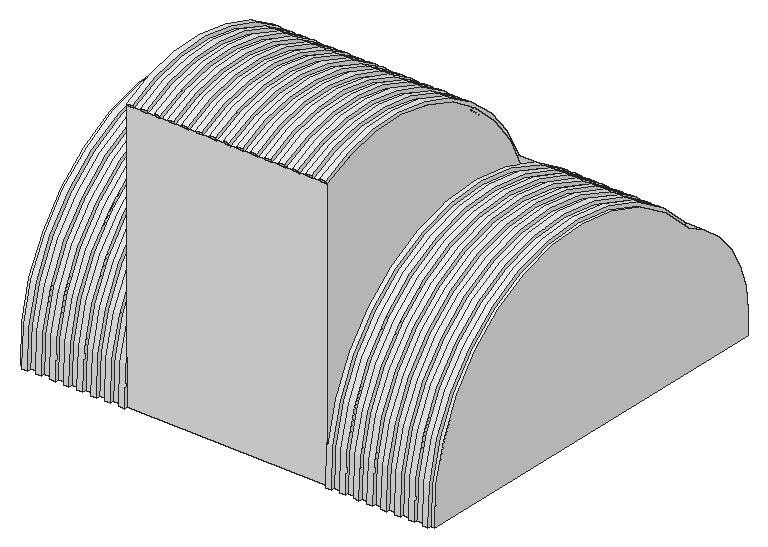
Revit family "WD18_Down", category Lighting Fixtures, host Wall, Revit 2013
Parameters (values of type "WD18 - Down")
  Wattage Comments = "127W"  # constant formula
  Wattage = 12.1178 W
  built-in parameter 1150110 = 1 (stored number, unit not read)
  Voltage = 120 V
  URL = "www.kimlighting.com/"
  Type Comments = "Lighting Fixture"  # constant formula
  built-in parameter 1114217 = 1 (stored number, unit not read)
  Tilt Angle = 90.00°
  built-in parameter 1150109 = 1 (stored number, unit not read)
  built-in parameter 1150134 = (empty or 0)
  built-in parameter 1150113 = 1 (stored number, unit not read)
  Series = "Wall Director"  # constant formula
  Revision Date = "11/07/2017"  # constant formula
  Product Page URL = "http://www.kimlighting.com/products/wall_director"
  Product Documentation Link = "http://www.kimlighting.com/content/products/specs/specs_files/kl_wd18eled_spec.pdf"
  Power Factor = 1  # constant formula
  Photometric Web Link = "http://www.kimlighting.com/products/wall_director"
  Photometric Web File = "wd18d3-400mc.ies"
  Photometric Notes = "More IES files download on Photometric Web Link"  # constant formula
  OmniClass Title = "Wall or Ceiling Mounted External Lighting"  # constant formula
  OmniClass Number = "23-80 70 14 11 17"  # constant formula
  Number of Poles = 1
  Note Visible = yes
  Note Text = "LF"  # constant formula
  Model = "WD18 - Down"  # constant formula
  MasterFormat Title = "Parking Lighting, Site Lighting"  # constant formula
  Manufacturer Phone = "626-968-5666"  # constant formula
  Manufacturer Fax = "626-369-2695"  # constant formula
  Manufacturer = "Kim Lighting"  # constant formula
  Lumens = 1800 lm
  built-in parameter 1150115 = 1 (stored number, unit not read)
  built-in parameter 1150105 = 514.14 (stored number, unit not read)
  Load Classification = Lighting
  built-in parameter 1150137 = (empty or 0)
  built-in parameter 1150139 = (empty or 0)
  built-in parameter 1150112 = 1 (stored number, unit not read)
  built-in parameter 1150114 = 1 (stored number, unit not read)
  Lamp = "120 LEDs"  # constant formula
  built-in parameter 1150132 = 2
  built-in parameter 1150102 = (empty or 0)
  built-in parameter 1150138 = (empty or 0)
  built-in parameter 1150107 = 3000 (stored number, unit not read)
  built-in parameter 1150106 = 5.1414 (stored number, unit not read)
  Housing material = Metal-Kim Lighting-Spun Aluminum
  Glass Material = Glass-Kim Lighting-Clear
  Full Load Current = 0 A
  Finish = "All colors shall be a Super TGIC powder coat paint. Optional white (WH) and custom colors available."
  Emit from Rectangle Width = 15"  # constant formula
  Emit from Rectangle Length = 15"  # constant formula
  Emit Shape Visible in Rendering = no
  built-in parameter 1150104 = 13.8 (stored number, unit not read)
  Default Elevation = 80"
  Dimming Lamp Color Temperature Shift = <None>
  Description = "Wall Mounted Luminaire"  # constant formula
  Color Filter = 16777215
  built-in parameter 1114218 = 1 (stored number, unit not read)
  built-in parameter 1150133 = 10 (stored number, unit not read)
  Assembly Code = "D5020200"
  Apparent Load = 0 VA
Reference planes (in)
  plane 1: y = 0
  plane 2 "Light Source Axis (F/B)": y = 11.5
  plane 3 "Light Source Axis (L/R)": x = -1.43133
  plane 4 "Light Source Elevation": z = 80
  plane 5 "Top": z = 91.75
  plane 6: z = 88.25
  plane 7 "Right": x = -10.43133
  plane 8 "Left": x = 7.56867
  plane 9: x = -5.80633
  plane 10: x = 2.94367
  plane 11: x = -9.43133
  plane 12: x = 6.56867
  plane 13 "Front": y = 20
  plane 14: y = 19
  plane 15: y = 4
  plane 16 "Back": y = 3
  plane 17: y = 10
  plane 18: z = 0
Forms (in)
  Extrusion 1, solid, material "Metal-Kim Lighting-Spun Aluminum" <- "Housing material", detail levels medium+fine
    sketch origin (-1.43133, 11.5, 0) x (0, -1, 0) y (0, 0, 1)
      loop
        arc (-5.25, 85.62917) -> (-7.83547, 83.36911) -> (-8.5, 80) r 5.31648
        line (-8.5, 80) -> (8.5, 80)
        arc (8.5, 80) -> (3.63164, 87.71606) -> (-5.25, 85.62917) r 7.85814
    from -9 to 9
  Extrusion 2, solid, material "Metal-Kim Lighting-Spun Aluminum" <- "Housing material", detail levels medium+fine
    sketch origin (-1.43133, 11.5, 0) x (0, -1, 0) y (0, 0, 1)
      loop
        arc (8.5, 91.75) -> (2.37193, 92.23866) -> (-1.94322, 87.86014) r 7.27629
        arc (-1.94322, 87.86014) -> (5.37994, 86.72226) -> (8.5, 80) r 7.85814
        line (8.5, 80) -> (8.5, 91.75)
    from -4.375 to 4.375
  Sweep 3, solid, material "Metal-Kim Lighting-Spun Aluminum" <- "Housing material", detail levels fine
    path origin (-1.43133, 11.5, 0) x (0, -1, 0) y (0, 0, 1)
      loop
        arc (8.5, 80) -> (3.63164, 87.71606) -> (-5.25, 85.62917) r 7.85814
    profile origin (-1.43133, 7.86836, 87.71606) x (0, 0.378873, -0.925449) y (-1, 0, 0)
      loop
        line (-0.125, -4.625) -> (0.125, -4.625) -> (0.125, -4.375) -> (-0.125, -4.375) -> (-0.125, -4.625)
      loop
        line (-0.125, -5.225) -> (0.125, -5.225) -> (0.125, -4.975) -> (-0.125, -4.975) -> (-0.125, -5.225)
      loop
        line (-0.125, -5.825) -> (0.125, -5.825) -> (0.125, -5.575) -> (-0.125, -5.575) -> (-0.125, -5.825)
      loop
        line (-0.125, -6.425) -> (0.125, -6.425) -> (0.125, -6.175) -> (-0.125, -6.175) -> (-0.125, -6.425)
      loop
        line (-0.125, -7.025) -> (0.125, -7.025) -> (0.125, -6.775) -> (-0.125, -6.775) -> (-0.125, -7.025)
      loop
        line (-0.125, -7.625) -> (0.125, -7.625) -> (0.125, -7.375) -> (-0.125, -7.375) -> (-0.125, -7.625)
      loop
        line (-0.125, -8.225) -> (0.125, -8.225) -> (0.125, -7.975) -> (-0.125, -7.975) -> (-0.125, -8.225)
      loop
        line (-0.125, -8.825) -> (0.125, -8.825) -> (0.125, -8.575) -> (-0.125, -8.575) -> (-0.125, -8.825)
      loop
        line (-0.125, 4.625) -> (-0.125, 4.375) -> (0.125, 4.375) -> (0.125, 4.625) -> (-0.125, 4.625)
      loop
        line (-0.125, 5.225) -> (-0.125, 4.975) -> (0.125, 4.975) -> (0.125, 5.225) -> (-0.125, 5.225)
      loop
        line (-0.125, 5.825) -> (-0.125, 5.575) -> (0.125, 5.575) -> (0.125, 5.825) -> (-0.125, 5.825)
      loop
        line (-0.125, 6.425) -> (-0.125, 6.175) -> (0.125, 6.175) -> (0.125, 6.425) -> (-0.125, 6.425)
      loop
        line (-0.125, 7.025) -> (-0.125, 6.775) -> (0.125, 6.775) -> (0.125, 7.025) -> (-0.125, 7.025)
      loop
        line (-0.125, 7.625) -> (-0.125, 7.375) -> (0.125, 7.375) -> (0.125, 7.625) -> (-0.125, 7.625)
      loop
        line (-0.125, 8.225) -> (-0.125, 7.975) -> (0.125, 7.975) -> (0.125, 8.225) -> (-0.125, 8.225)
      loop
        line (-0.125, 8.825) -> (-0.125, 8.575) -> (0.125, 8.575) -> (0.125, 8.825) -> (-0.125, 8.825)
  Sweep 4, solid, material "Metal-Kim Lighting-Spun Aluminum" <- "Housing material", detail levels fine
    path origin (-1.43133, 11.5, 0) x (0, -1, 0) y (0, 0, 1)
      loop
        arc (8.5, 91.75) -> (2.56896, 92.30885) -> (-1.79169, 88.25) r 7.27629
    profile origin (-1.43133, 8.93104, 92.30885) x (0, -0.321971, -0.94675) y (-1, 0, 0)
      loop
        line (-0.125, -2.275) -> (-0.125, -2.525) -> (0.125, -2.525) -> (0.125, -2.275) -> (-0.125, -2.275)
      loop
        line (-0.125, -1.675) -> (-0.125, -1.925) -> (0.125, -1.925) -> (0.125, -1.675) -> (-0.125, -1.675)
      loop
        line (-0.125, -1.075) -> (-0.125, -1.325) -> (0.125, -1.325) -> (0.125, -1.075) -> (-0.125, -1.075)
      loop
        line (-0.125, -0.475) -> (-0.125, -0.725) -> (0.125, -0.725) -> (0.125, -0.475) -> (-0.125, -0.475)
      loop
        line (-0.125, 0.125) -> (-0.125, -0.125) -> (0.125, -0.125) -> (0.125, 0.125) -> (-0.125, 0.125)
      loop
        line (-0.125, 0.725) -> (-0.125, 0.475) -> (0.125, 0.475) -> (0.125, 0.725) -> (-0.125, 0.725)
      loop
        line (-0.125, 1.325) -> (-0.125, 1.075) -> (0.125, 1.075) -> (0.125, 1.325) -> (-0.125, 1.325)
      loop
        line (-0.125, 1.925) -> (-0.125, 1.675) -> (0.125, 1.675) -> (0.125, 1.925) -> (-0.125, 1.925)
      loop
        line (-0.125, -4.075) -> (-0.125, -4.325) -> (0.125, -4.325) -> (0.125, -4.075) -> (-0.125, -4.075)
      loop
        line (-0.125, -3.475) -> (-0.125, -3.725) -> (0.125, -3.725) -> (0.125, -3.475) -> (-0.125, -3.475)
      loop
        line (-0.125, -2.875) -> (-0.125, -3.125) -> (0.125, -3.125) -> (0.125, -2.875) -> (-0.125, -2.875)
      loop
        line (-0.125, 2.525) -> (-0.125, 2.275) -> (0.125, 2.275) -> (0.125, 2.525) -> (-0.125, 2.525)
      loop
        line (-0.125, 3.125) -> (-0.125, 2.875) -> (0.125, 2.875) -> (0.125, 3.125) -> (-0.125, 3.125)
      loop
        line (-0.125, 3.725) -> (-0.125, 3.475) -> (0.125, 3.475) -> (0.125, 3.725) -> (-0.125, 3.725)
      loop
        line (-0.125, 4.325) -> (-0.125, 4.075) -> (0.125, 4.075) -> (0.125, 4.325) -> (-0.125, 4.325)
  Extrusion 5, solid, material "Glass-Kim Lighting-Clear" <- "Glass Material", detail levels medium+fine
    sketch origin (0, 0, 80) x (0, 1, 0) y (-1, 0, 0)
      loop
        line (19, 9.43133) -> (4, 9.43133) -> (4, -6.56867) -> (19, -6.56867) -> (19, 9.43133)
    from 0 to 0.125
  Extrusion 6, solid, material "Metal-Kim Lighting-Spun Aluminum" <- "Housing material", detail levels coarse
    sketch origin (-1.43133, 11.5, 0) x (0, -1, 0) y (0, 0, 1)
      loop
        line (8.5, 91.75) -> (1.5, 91.75) -> (-8.5, 80) -> (8.5, 80) -> (8.5, 91.75)
    from -9 to 9
  Extrusion 7, solid, material "Glass-Kim Lighting-Clear" <- "Glass Material", detail levels medium+fine
    sketch origin (0, 0, 77.42225) x (-1, 0, 0) y (0, -1, 0)
      loop
        line (9.43133, -19) -> (9.43133, -4) -> (-6.56867, -4) -> (-6.56867, -19) -> (9.43133, -19)
    from 2.57775 to 2.70275
  Sweep 8, void
    path origin (0, 0, 80) x (0, 1, 0) y (-1, 0, 0)
      loop
        line (11.5, 9.43133) -> (11.5, -6.56867)
    profile origin (-1.43133, 11.5, 80) x (0, 1, 0) y (0, 0, 1)
      loop
        arc (7.5, 0) -> (0, 3.45569) -> (-7.5, 0) r 9.8666
        line (-7.5, 0) -> (7.5, 0)
Cuts and joins
  Sweep 8 cuts Extrusion 1
  Sweep 8 cuts Extrusion 2
  Sweep 8 cuts Sweep 3
  Sweep 8 cuts Extrusion 6
Lines and regions (in)
  symbolic lines
    curve 1: line (-10.43133, 20, 80) -> (7.56867, 20, 80)
    curve 2: line (-10.43133, 3, 80) -> (-10.43133, 20, 80)
    curve 3: line (7.56867, 3, 80) -> (-10.43133, 3, 80)
    curve 4: line (7.56867, 20, 80) -> (7.56867, 3, 80)
    curve 14: line (-10.43133, 11.5, 80) -> (7.56867, 11.5, 80)
    curve 24: line (-10.43133, 3.00052, 91.75005) -> (-10.43133, 3.00052, 80)
    curve 34: line (-1.43133, 19.9869, 80) -> (-1.43133, 3.00052, 80)
    curve 35: line (-5.80633, 11.5, 91.75) -> (2.94367, 11.5, 91.75)
  symbolic lines, detail levels coarse
    curve 5: line (-10.43133, 20, 80) -> (7.56867, 3, 80)
    curve 6: line (7.56867, 20, 80) -> (-10.43133, 3, 80)
    curve 13: line (7.56867, 11.5, 80) -> (7.56867, 11.5, 88.25)
    curve 15: line (-10.43133, 11.5, 88.25) -> (-10.43133, 11.5, 80)
    curve 16: line (7.56867, 11.5, 88.25) -> (-10.43133, 11.5, 80)
    curve 17: line (-10.43133, 11.5, 88.25) -> (7.56867, 11.5, 80)
    curve 25: line (-1.43133, 15, 85.875) -> (-1.43133, 3.00052, 80)
    curve 26: line (-1.43133, 3.00052, 85.87033) -> (-1.43133, 19.9869, 80)
    curve 31: line (-1.43133, 10, 91.75) -> (-1.43133, 20, 80)
    curve 32: line (-1.43133, 3, 91.75) -> (-1.43133, 10, 91.75)
    curve 38: line (-5.80633, 11.5, 91.75) -> (-10.43133, 11.5, 88.25)
    curve 39: line (2.94367, 11.5, 91.75) -> (7.56867, 11.5, 88.25)
  symbolic lines, detail levels medium+fine
    curve 7: line (-5.80633, 10.04991, 80) -> (2.94367, 10.04991, 80)
    curve 8: line (-5.80633, 3, 80) -> (-5.80633, 10.04991, 80)
    curve 9: line (2.94367, 10.04991, 80) -> (2.94367, 3, 80)
    curve 10: line (-10.43133, 16.75, 80) -> (7.56867, 16.75, 80)
    curve 18: line (2.94367, 11.5, 91.75) -> (2.94367, 11.5, 88.1608)
    curve 19: line (-5.80633, 11.5, 91.75) -> (-5.80633, 11.5, 88.1608)
    curve 20: line (7.56867, 11.5, 88.25) -> (-10.43133, 11.5, 88.25)
    curve 21: line (7.56867, 11.5, 85.5607) -> (-10.43133, 11.5, 85.5607)
    curve 22: line (7.56867, 11.5, 88.25) -> (7.56867, 11.5, 80)
    curve 23: line (-10.43133, 11.5, 88.25) -> (-10.43133, 11.5, 80)
    curve 27: arc (-1.43133, 3, 91.75) -> (-1.43133, 6.99215, 91.00829) -> (-1.43133, 9.98452, 88.26363) r 7.36505
    curve 28: arc (-1.43133, 3.00052, 80) -> (-1.43133, 7.87288, 87.72697) -> (-1.43133, 16.76241, 85.62405) r 7.85814
    curve 29: arc (-1.43133, 16.76241, 85.62405) -> (-1.43133, 19.33882, 83.36329) -> (-1.43133, 20, 80) r 5.31648
  symbolic lines, detail levels fine
    curve 11: line (-5.80633, 10.04991, 80) -> (-5.80633, 16.75, 80)
    curve 12: line (2.94367, 10.04991, 80) -> (2.94367, 16.75, 80)
    curve 30: circle (-1.43133, 6.07116, 89.62734) r 0.25 normal (-1, 0, 0)
    curve 36: line (-5.80633, 11.5, 88.1608) -> (-5.80633, 11.5, 85.5607)
    curve 37: line (2.94367, 11.5, 88.1608) -> (2.94367, 11.5, 85.5607)
    curve 40: line (-10.25633, 16.75, 80) -> (-10.25633, 3, 80)
    curve 41: line (-10.00633, 16.75, 80) -> (-10.00633, 3, 80)
    curve 42: line (-9.65633, 16.75, 80) -> (-9.65633, 3, 80)
    curve 43: line (-9.40633, 16.75, 80) -> (-9.40633, 3, 80)
    curve 44: line (-9.05633, 16.75, 80) -> (-9.05633, 3, 80)
    curve 45: line (-8.80633, 16.75, 80) -> (-8.80633, 3, 80)
    curve 46: line (-8.45633, 16.75, 80) -> (-8.45633, 3, 80)
    curve 47: line (-8.20633, 16.75, 80) -> (-8.20633, 3, 80)
    curve 48: line (-7.85633, 16.75, 80) -> (-7.85633, 3, 80)
    curve 49: line (-7.60633, 16.75, 80) -> (-7.60633, 3, 80)
    curve 50: line (-7.25633, 16.75, 80) -> (-7.25633, 3, 80)
    curve 51: line (-7.00633, 16.75, 80) -> (-7.00633, 3, 80)
    curve 52: line (-6.65633, 16.75, 80) -> (-6.65633, 3, 80)
    curve 53: line (-6.40633, 16.75, 80) -> (-6.40633, 3, 80)
    curve 54: line (-6.05633, 16.75, 80) -> (-6.05633, 3, 80)
    curve 55: line (7.39367, 16.75, 80) -> (7.39367, 3, 80)
    curve 56: line (7.14367, 16.75, 80) -> (7.14367, 3, 80)
    curve 57: line (6.79367, 16.75, 80) -> (6.79367, 3, 80)
    curve 58: line (6.54367, 16.75, 80) -> (6.54367, 3, 80)
    curve 59: line (6.19367, 16.75, 80) -> (6.19367, 3, 80)
    curve 60: line (5.94367, 16.75, 80) -> (5.94367, 3, 80)
    curve 61: line (5.59367, 16.75, 80) -> (5.59367, 3, 80)
    curve 62: line (5.34367, 16.75, 80) -> (5.34367, 3, 80)
    curve 63: line (4.99367, 16.75, 80) -> (4.99367, 3, 80)
    curve 64: line (4.74367, 16.75, 80) -> (4.74367, 3, 80)
    curve 65: line (4.39367, 16.75, 80) -> (4.39367, 3, 80)
    curve 66: line (4.14367, 16.75, 80) -> (4.14367, 3, 80)
    curve 67: line (3.79367, 16.75, 80) -> (3.79367, 3, 80)
    curve 68: line (3.54367, 16.75, 80) -> (3.54367, 3, 80)
    curve 69: line (3.19367, 16.75, 80) -> (3.19367, 3, 80)
    curve 70: line (-5.50633, 9.9897, 80) -> (-5.50633, 2.98807, 80)
    curve 71: line (-5.15907, 9.9897, 80) -> (-5.15907, 2.98807, 80)
    curve 72: line (-4.90633, 9.9897, 80) -> (-4.90633, 2.98807, 80)
    curve 73: line (-4.55633, 9.9897, 80) -> (-4.55633, 2.98807, 80)
    curve 74: line (-4.30358, 9.9897, 80) -> (-4.30358, 2.98807, 80)
    curve 75: line (-3.95633, 9.9897, 80) -> (-3.95633, 2.98807, 80)
    curve 76: line (-3.70358, 9.9897, 80) -> (-3.70358, 2.98807, 80)
    curve 77: line (-3.35633, 9.9897, 80) -> (-3.35633, 2.98807, 80)
    curve 78: line (-3.10358, 9.9897, 80) -> (-3.10358, 2.98807, 80)
    curve 79: line (-2.75633, 9.9897, 80) -> (-2.75633, 2.98807, 80)
    curve 80: line (-2.50358, 9.9897, 80) -> (-2.50358, 2.98807, 80)
    curve 81: line (-2.15633, 9.9897, 80) -> (-2.15633, 2.98807, 80)
    curve 82: line (-1.90358, 9.9897, 80) -> (-1.90358, 2.98807, 80)
    curve 83: line (-1.55633, 9.9897, 80) -> (-1.55633, 2.98807, 80)
    curve 84: line (-1.30358, 9.9897, 80) -> (-1.30358, 2.98807, 80)
    curve 85: line (-0.95633, 9.9897, 80) -> (-0.95633, 2.98807, 80)
    curve 86: line (-0.70358, 9.9897, 80) -> (-0.70358, 2.98807, 80)
    curve 87: line (-0.35633, 9.9897, 80) -> (-0.35633, 2.98807, 80)
    curve 88: line (-0.10358, 9.9897, 80) -> (-0.10358, 2.98807, 80)
    curve 89: line (0.24367, 9.9897, 80) -> (0.24367, 2.98807, 80)
    curve 90: line (0.49642, 9.9897, 80) -> (0.49642, 2.98807, 80)
    curve 91: line (0.84367, 9.9897, 80) -> (0.84367, 2.98807, 80)
    curve 92: line (1.09642, 9.9897, 80) -> (1.09642, 2.98807, 80)
    curve 93: line (1.44616, 9.9897, 80) -> (1.44616, 2.98807, 80)
    curve 94: line (1.69891, 9.9897, 80) -> (1.69891, 2.98807, 80)
    curve 95: line (2.03558, 9.9897, 80) -> (2.03558, 2.98807, 80)
    curve 96: line (2.28833, 9.9897, 80) -> (2.28833, 2.98807, 80)
    curve 97: line (2.64367, 9.9897, 80) -> (2.64367, 2.98807, 80)
    curve 98: line (7.39367, 11.5, 88.25) -> (7.39367, 11.5, 85.5607)
    curve 99: line (7.14367, 11.5, 88.25) -> (7.14367, 11.5, 85.5607)
    curve 100: line (6.79367, 11.5, 88.25) -> (6.79367, 11.5, 85.5607)
    curve 101: line (6.54367, 11.5, 88.25) -> (6.54367, 11.5, 85.5607)
    curve 102: line (6.19367, 11.5, 88.25) -> (6.19367, 11.5, 85.5607)
    curve 103: line (5.94367, 11.5, 88.25) -> (5.94367, 11.5, 85.5607)
    curve 104: line (5.59367, 11.5, 88.25) -> (5.59367, 11.5, 85.5607)
    curve 105: line (5.34367, 11.5, 88.25) -> (5.34367, 11.5, 85.5607)
    curve 106: line (4.99367, 11.5, 88.25) -> (4.99367, 11.5, 85.5607)
    curve 107: line (4.74367, 11.5, 88.25) -> (4.74367, 11.5, 85.5607)
    curve 108: line (4.39367, 11.5, 88.25) -> (4.39367, 11.5, 85.5607)
    curve 109: line (4.14367, 11.5, 88.25) -> (4.14367, 11.5, 85.5607)
    curve 110: line (3.79367, 11.5, 88.25) -> (3.79367, 11.5, 85.5607)
    curve 111: line (3.54367, 11.5, 88.25) -> (3.54367, 11.5, 85.5607)
    curve 112: line (3.19367, 11.5, 88.25) -> (3.19367, 11.5, 85.5607)
    curve 113: line (-10.25633, 11.5, 88.25) -> (-10.25633, 11.5, 85.5607)
    curve 114: line (-10.00633, 11.5, 88.25) -> (-10.00633, 11.5, 85.5607)
    curve 115: line (-9.65633, 11.5, 88.25) -> (-9.65633, 11.5, 85.5607)
    curve 116: line (-9.40633, 11.5, 88.25) -> (-9.40633, 11.5, 85.5607)
    curve 117: line (-9.05633, 11.5, 88.25) -> (-9.05633, 11.5, 85.5607)
    curve 118: line (-8.80633, 11.5, 88.25) -> (-8.80633, 11.5, 85.5607)
    curve 119: line (-8.45633, 11.5, 88.25) -> (-8.45633, 11.5, 85.5607)
    curve 120: line (-8.20633, 11.5, 88.25) -> (-8.20633, 11.5, 85.5607)
    curve 121: line (-7.85633, 11.5, 88.25) -> (-7.85633, 11.5, 85.5607)
    curve 122: line (-7.60633, 11.5, 88.25) -> (-7.60633, 11.5, 85.5607)
    curve 123: line (-7.25633, 11.5, 88.25) -> (-7.25633, 11.5, 85.5607)
    curve 124: line (-7.00633, 11.5, 88.25) -> (-7.00633, 11.5, 85.5607)
    curve 125: line (-6.65633, 11.5, 88.25) -> (-6.65633, 11.5, 85.5607)
    curve 126: line (-6.40633, 11.5, 88.25) -> (-6.40633, 11.5, 85.5607)
    curve 127: line (-6.05633, 11.5, 88.25) -> (-6.05633, 11.5, 85.5607)
    curve 128: line (2.64367, 11.5, 91.75) -> (2.64367, 11.5, 88.25)
    curve 129: line (2.29367, 11.5, 91.75) -> (2.29367, 11.5, 88.25)
    curve 130: line (2.04367, 11.5, 91.75) -> (2.04367, 11.5, 88.25)
    curve 131: line (1.69367, 11.5, 91.75) -> (1.69367, 11.5, 88.25)
    curve 132: line (1.44367, 11.5, 91.75) -> (1.44367, 11.5, 88.25)
    curve 133: line (1.09367, 11.5, 91.75) -> (1.09367, 11.5, 88.25)
    curve 134: line (0.84367, 11.5, 91.75) -> (0.84367, 11.5, 88.25)
    curve 135: line (0.49367, 11.5, 91.75) -> (0.49367, 11.5, 88.25)
    curve 136: line (0.24367, 11.5, 91.75) -> (0.24367, 11.5, 88.25)
    curve 137: line (-0.10633, 11.5, 91.75) -> (-0.10633, 11.5, 88.25)
    curve 138: line (-0.35633, 11.5, 91.75) -> (-0.35633, 11.5, 88.25)
    curve 139: line (-0.70633, 11.5, 91.75) -> (-0.70633, 11.5, 88.25)
    curve 140: line (-0.95633, 11.5, 91.75) -> (-0.95633, 11.5, 88.25)
    curve 141: line (-1.30633, 11.5, 91.75) -> (-1.30633, 11.5, 88.25)
    curve 142: line (-5.50633, 11.5, 91.75) -> (-5.50633, 11.5, 88.25)
    curve 143: line (-5.15633, 11.5, 91.75) -> (-5.15633, 11.5, 88.25)
    curve 144: line (-4.90633, 11.5, 91.75) -> (-4.90633, 11.5, 88.25)
    curve 145: line (-4.55633, 11.5, 91.75) -> (-4.55633, 11.5, 88.25)
    curve 146: line (-4.30633, 11.5, 91.75) -> (-4.30633, 11.5, 88.25)
    curve 147: line (-3.95633, 11.5, 91.75) -> (-3.95633, 11.5, 88.25)
    curve 148: line (-3.70633, 11.5, 91.75) -> (-3.70633, 11.5, 88.25)
    curve 149: line (-3.35633, 11.5, 91.75) -> (-3.35633, 11.5, 88.25)
    curve 150: line (-3.10633, 11.5, 91.75) -> (-3.10633, 11.5, 88.25)
    curve 151: line (-2.75633, 11.5, 91.75) -> (-2.75633, 11.5, 88.25)
    curve 152: line (-2.50633, 11.5, 91.75) -> (-2.50633, 11.5, 88.25)
    curve 153: line (-2.15633, 11.5, 91.75) -> (-2.15633, 11.5, 88.25)
    curve 154: line (-1.90633, 11.5, 91.75) -> (-1.90633, 11.5, 88.25)
    curve 155: line (-1.55633, 11.5, 91.75) -> (-1.55633, 11.5, 88.25)
  symbolic lines, not visible, detail levels coarse
    curve 33: line (-10.43133, 11.5, 71.75) -> (-10.43133, 11.5, 80)
Text (in)
  text "Placement Side" at (0, 40.15149, 123.01588), in view "Right"
  text "Placement Side" at (-60.15766, 43.10015, 0), in view "Ref. Level"
  text "Placement Side" at (0, 85.69064, 140.59947), in view "Left"
Dimensions and locks (in)
  locked: plane 5 "Top" to plane 4 "Light Source Elevation" at 11.75
  locked: plane 13 "Front" to plane 16 "Back" at 17
  locked: plane 14 to plane 16 "Back" at 16
  locked: plane 16 "Back" to plane 2 "Light Source Axis (F/B)" at 8.5
  locked: plane 15 to plane 16 "Back" at 1
  locked: plane 6 to plane 4 "Light Source Elevation" at 8.25
  equal spacing: plane 7 "Right", plane 3 "Light Source Axis (L/R)", plane 8 "Left"
  locked: plane 7 "Right" to plane 8 "Left" at 18
  locked: plane 11 to plane 3 "Light Source Axis (L/R)" at 8
  locked: plane 3 "Light Source Axis (L/R)" to plane 12 at 8
  plane 9 to plane 3 "Light Source Axis (L/R)" to plane 10 = 4 3/8" locked, 4 3/8" locked
  locked: plane 17 to plane 16 "Back" at 7
  locked: Extrusion 7 to plane 4 "Light Source Elevation" at 0.125
  locked: plane 16 "Back" to host wall at 0
  "Default Elevation": plane 18 to plane 4 "Light Source Elevation"
  aligned and locked: plane 4 "Light Source Elevation" to imposter light
  aligned and locked: curve 4 to plane 8 "Left"
  aligned and locked: curve 1 to plane 13 "Front"
  aligned and locked: plane 9 to curve 11
  aligned and locked: plane 9 to curve 8
  aligned and locked: curve 13 to plane 8 "Left"
  aligned and locked: plane 6 to curve 20
  aligned and locked: plane 7 "Right" to curve 2
  aligned and locked: plane 10 to curve 9
  aligned and locked: plane 4 "Light Source Elevation" to Extrusion 1 sketch curve
  aligned and locked: Extrusion 1 to plane 8 "Left"
  aligned and locked: Extrusion 1 to plane 7 "Right"
  aligned and locked: Extrusion 2 sketch curve to Extrusion 1
  aligned and locked: Extrusion 2 to plane 10
  aligned and locked: Extrusion 2 to plane 9
  aligned and locked: Sweep 3 sketch curve to Extrusion 1
  aligned and locked: Sweep 4 sketch curve to Extrusion 2
  aligned and locked: plane 16 "Back" to Sweep 4 sketch curve
  aligned and locked: plane 6 to Sweep 4 sketch curve
  aligned and locked: Extrusion 2 to plane 16 "Back"
  aligned and locked: Extrusion 6 to plane 8 "Left"
  aligned and locked: Extrusion 6 to plane 7 "Right"
  aligned and locked: plane 5 "Top" to Extrusion 2 sketch curve
  aligned and locked: plane 16 "Back" to Extrusion 2 sketch curve
  aligned and locked: plane 4 "Light Source Elevation" to Extrusion 6
  aligned and locked: Extrusion 6 to plane 16 "Back"
  aligned and locked: plane 5 "Top" to Extrusion 6 sketch curve
  aligned and locked: plane 4 "Light Source Elevation" to Extrusion 6 sketch curve
  aligned and locked: plane 13 "Front" to Extrusion 6 sketch curve
  aligned and locked: Extrusion 6 sketch curve to plane 5 "Top"
  aligned and locked: curve 31 to Extrusion 6
  aligned and locked: curve 32 to Extrusion 6
  aligned and locked: plane 17 to Extrusion 6 sketch curve
  aligned and locked: plane 10 to curve 37
  aligned and locked: curve 36 to plane 9
  aligned and locked: nested 1 to plane 3 "Light Source Axis (L/R)"
  aligned and locked: plane 14 to Extrusion 7
  aligned and locked: Extrusion 7 to plane 15
  aligned and locked: Extrusion 7 sketch curve to plane 14
  aligned and locked: plane 15 to Extrusion 7 sketch curve
  aligned and locked: plane 11 to Extrusion 7 sketch curve
  aligned and locked: plane 12 to Extrusion 7 sketch curve
  aligned and locked: Extrusion 5 sketch curve to plane 14
  aligned and locked: plane 12 to Extrusion 5 sketch curve
  aligned and locked: plane 11 to Extrusion 5 sketch curve
  aligned and locked: plane 15 to Extrusion 5 sketch curve
  aligned and locked: nested 1 to plane 13 "Front"
  aligned and locked: plane 4 "Light Source Elevation" to Extrusion 7
  aligned and locked: plane 11 to Sweep 8 sketch curve
  aligned and locked: plane 12 to Sweep 8 sketch curve
  aligned and locked: plane 2 "Light Source Axis (F/B)" to Sweep 8 sketch curve
  aligned and locked: Sweep 8 sketch curve to profile plane
  aligned and locked: plane 15 to Sweep 8 sketch curve
  aligned and locked: plane 14 to Sweep 8 sketch curve
  aligned and locked: plane 4 "Light Source Elevation" to curve 25
  aligned and locked: level to plane 18
Automatic sketch dimensions
  curve 5 to host wall = 0"
  plane 17 to curve 9 = 0.04991"
  curve 11 to plane 14 = 2 1/4"
  curve 23 to plane 4 "Light Source Elevation" = 0"
  curve 23 to plane 7 "Right" = 0"
  curve 35 to plane 5 "Top" = 0"
  plane 7 "Right" to curve 113 = 0.175"
  curve 113 to curve 114 = 1/4"
  curve 115 to plane 11 = 0.225"
  plane 11 to curve 116 = 0.025"
  curve 116 to curve 117 = 0.35"
  curve 117 to curve 118 = 1/4"
  curve 118 to curve 119 = 0.35"
  curve 119 to curve 120 = 1/4"
  curve 120 to curve 121 = 0.35"
  curve 121 to curve 122 = 1/4"
  curve 122 to curve 123 = 0.35"
  curve 123 to curve 124 = 1/4"
  curve 124 to curve 125 = 0.35"
  curve 125 to curve 126 = 1/4"
  curve 127 to curve 36 = 1/4"
  plane 9 to curve 142 = 0.3"
  curve 142 to curve 143 = 0.35"
  curve 143 to curve 144 = 1/4"
  curve 144 to curve 145 = 0.35"
  curve 145 to curve 146 = 1/4"
  curve 146 to curve 147 = 0.35"
  curve 147 to curve 148 = 1/4"
  curve 148 to curve 149 = 0.35"
  curve 149 to curve 150 = 1/4"
  curve 150 to curve 151 = 0.35"
  curve 151 to curve 152 = 1/4"
  curve 152 to curve 153 = 0.35"
  curve 153 to curve 154 = 1/4"
  plane 3 "Light Source Axis (L/R)" to curve 155 = 1/8"
  curve 141 to plane 3 "Light Source Axis (L/R)" = 1/8"
  curve 141 to curve 140 = 0.35"
  curve 140 to curve 139 = 1/4"
  curve 139 to curve 138 = 0.35"
  curve 138 to curve 137 = 1/4"
  curve 137 to curve 136 = 0.35"
  curve 136 to curve 135 = 1/4"
  curve 135 to curve 134 = 0.35"
  curve 134 to curve 133 = 1/4"
  curve 133 to curve 132 = 0.35"
  curve 132 to curve 131 = 1/4"
  curve 131 to curve 130 = 0.35"
  curve 130 to curve 129 = 1/4"
  curve 128 to curve 18 = 0.3"
  curve 112 to plane 10 = 1/4"
  curve 112 to curve 111 = 0.35"
  curve 111 to curve 110 = 1/4"
  curve 110 to curve 109 = 0.35"
  curve 109 to curve 108 = 1/4"
  curve 108 to curve 107 = 0.35"
  curve 107 to curve 106 = 1/4"
  curve 106 to curve 105 = 0.35"
  curve 105 to curve 104 = 1/4"
  curve 104 to curve 103 = 0.35"
  curve 103 to curve 102 = 1/4"
  plane 12 to curve 101 = 0.025"
  curve 100 to plane 12 = 0.225"
  curve 100 to curve 99 = 0.35"
  curve 98 to curve 13 = 0.175"
  curve 36 to plane 6 = 0.0892"
  curve 18 to plane 6 = 0.0892"
  plane 4 "Light Source Elevation" to curve 33 = 8 1/4"
  curve 36 to curve 19 = 2.6001"
  Extrusion 1 sketch curve to plane 13 "Front" = 0"
  Extrusion 1 sketch curve to host wall = 0"
  Extrusion 1 sketch curve to plane 14 = 2 1/4"
  Extrusion 1 sketch curve to plane 4 "Light Source Elevation" = 0.71087"
  Extrusion 1 sketch curve to plane 2 "Light Source Axis (F/B)" = 3.23126"
  Extrusion 1 sketch curve to plane 4 "Light Source Elevation" = 0.44376"
  Extrusion 2 sketch curve to plane 6 = 0.38986"
  plane 15 to Extrusion 2 sketch curve = 2.58828"
  plane 4 "Light Source Elevation" to Sweep 3 sketch curve = 0"
  Sweep 3 sketch curve to plane 14 = 2 1/4"
  profile plane to Sweep 3 sketch curve = 1/8"  (x16)
  Sweep 3 sketch curve to profile plane = 1/8"  (x16)
  Sweep 3 sketch curve to plane 3 "Light Source Axis (L/R)" = 8.825"
  Sweep 3 sketch curve to Sweep 3 sketch curve = 1/4"  (x16)
  Sweep 3 sketch curve to Sweep 3 sketch curve = 0.35"  (x14)
  plane 3 "Light Source Axis (L/R)" to Sweep 3 sketch curve = 4 3/8"
  profile plane to Sweep 4 sketch curve = 1/8"  (x15)
  Sweep 4 sketch curve to plane 3 "Light Source Axis (L/R)" = 4.325"
  Sweep 4 sketch curve to profile plane = 1/8"  (x15)
  Sweep 4 sketch curve to Sweep 4 sketch curve = 1/4"  (x14)
  Sweep 4 sketch curve to Sweep 4 sketch curve = 0.35"  (x13)
  Sweep 4 sketch curve to plane 3 "Light Source Axis (L/R)" = 1/8"
  plane 3 "Light Source Axis (L/R)" to Sweep 4 sketch curve = 1/8"
  Extrusion 6 sketch curve to host wall = 0"
  plane 4 "Light Source Elevation" to curve 31 = 0"
  curve 32 to host wall = 0"
  curve 31 to curve 34 = 0.0131"
  host wall to curve 25 = 0.00052"
  curve 29 to plane 14 = 2.23759"
  curve 25 to plane 6 = 2 3/8"
  curve 29 to plane 4 "Light Source Elevation" = 0.71087"
  curve 29 to plane 2 "Light Source Axis (F/B)" = 3.23126"
  curve 28 to plane 4 "Light Source Elevation" = 0.45281"
  plane 6 to curve 27 = 0.01363"
  plane 15 to curve 30 = 2.07116"
  curve 27 to plane 15 = 0.29715"
  host wall to curve 26 = 0.00052"
  curve 27 to curve 26 = 1.45176"
  plane 6 to curve 30 = 1.37734"
  plane 4 "Light Source Elevation" to Sweep 8 sketch curve = 6.41092"
  Extrusion 6 to curve 24 = 0"
  curve 24 to Extrusion 6 = 0.00052"
  Extrusion 6 to curve 24 = 0.00005"
  curve 52 to host wall = 0"
  curve 54 to host wall = 0"
  curve 51 to host wall = 0"
  curve 55 to host wall = 0"
  curve 50 to host wall = 0"
  curve 56 to host wall = 0"
  curve 49 to host wall = 0"
  curve 57 to host wall = 0"
  curve 48 to host wall = 0"
  curve 58 to host wall = 0"
  curve 47 to host wall = 0"
  curve 59 to host wall = 0"
  curve 46 to host wall = 0"
  curve 60 to host wall = 0"
  curve 45 to host wall = 0"
  curve 61 to host wall = 0"
  curve 44 to host wall = 0"
  curve 62 to host wall = 0"
  curve 43 to host wall = 0"
  curve 63 to host wall = 0"
  curve 42 to host wall = 0"
  curve 64 to host wall = 0"
  curve 41 to host wall = 0"
  curve 65 to host wall = 0"
  curve 40 to host wall = 0"
  curve 66 to host wall = 0"
  curve 53 to host wall = 0"
  curve 67 to host wall = 0"
  curve 69 to host wall = 0"
  curve 68 to host wall = 0"
  curve 70 to host wall = 0.01193"
  curve 84 to host wall = 0.01193"
  curve 83 to host wall = 0.01193"
  curve 85 to host wall = 0.01193"
  curve 82 to host wall = 0.01193"
  curve 86 to host wall = 0.01193"
  curve 81 to host wall = 0.01193"
  curve 87 to host wall = 0.01193"
  curve 80 to host wall = 0.01193"
  curve 88 to host wall = 0.01193"
  curve 79 to host wall = 0.01193"
  curve 89 to host wall = 0.01193"
  curve 78 to host wall = 0.01193"
  curve 90 to host wall = 0.01193"
  curve 77 to host wall = 0.01193"
  curve 91 to host wall = 0.01193"
  curve 76 to host wall = 0.01193"
  curve 92 to host wall = 0.01193"
  curve 75 to host wall = 0.01193"
  curve 93 to host wall = 0.01193"
  curve 74 to host wall = 0.01193"
  curve 94 to host wall = 0.01193"
  curve 73 to host wall = 0.01193"
  curve 95 to host wall = 0.01193"
  curve 72 to host wall = 0.01193"
  curve 96 to host wall = 0.01193"
  curve 71 to host wall = 0.01193"
  curve 97 to host wall = 0.01193"
  curve 83 to plane 17 = 0.0103"
  curve 96 to plane 17 = 0.0103"
  curve 70 to plane 17 = 0.0103"
  curve 95 to plane 17 = 0.0103"
  curve 71 to plane 17 = 0.0103"
  curve 94 to plane 17 = 0.0103"
  curve 72 to plane 17 = 0.0103"
  curve 93 to plane 17 = 0.0103"
  curve 73 to plane 17 = 0.0103"
  curve 92 to plane 17 = 0.0103"
  curve 74 to plane 17 = 0.0103"
  curve 91 to plane 17 = 0.0103"
  curve 75 to plane 17 = 0.0103"
  curve 90 to plane 17 = 0.0103"
  curve 76 to plane 17 = 0.0103"
  curve 89 to plane 17 = 0.0103"
  curve 77 to plane 17 = 0.0103"
  curve 88 to plane 17 = 0.0103"
  curve 78 to plane 17 = 0.0103"
  curve 87 to plane 17 = 0.0103"
  curve 79 to plane 17 = 0.0103"
  curve 86 to plane 17 = 0.0103"
  curve 80 to plane 17 = 0.0103"
  curve 85 to plane 17 = 0.0103"
  curve 81 to plane 17 = 0.0103"
  curve 84 to plane 17 = 0.0103"
  curve 82 to plane 17 = 0.0103"
  curve 97 to plane 17 = 0.0103"
  plane 8 "Left" to curve 55 = 0.175"
  curve 55 to plane 14 = 2 1/4"
  curve 54 to plane 9 = 1/4"
  curve 54 to plane 14 = 2 1/4"
  curve 56 to curve 55 = 0"
  curve 53 to curve 54 = 0"
  curve 57 to curve 56 = 0"
  curve 52 to curve 53 = 0"
  plane 12 to curve 58 = 0.025"
  curve 58 to curve 57 = 0"
  curve 51 to curve 52 = 0"
  curve 59 to curve 58 = 0"
  curve 50 to curve 51 = 0"
  curve 60 to curve 59 = 0"
  curve 49 to curve 50 = 0"
  curve 61 to curve 60 = 0"
  curve 48 to curve 49 = 0"
  curve 62 to curve 61 = 0"
  curve 47 to curve 48 = 0"
  curve 63 to curve 62 = 0"
  curve 46 to curve 47 = 0"
  curve 64 to curve 63 = 0"
  curve 45 to curve 46 = 0"
  curve 65 to curve 64 = 0"
  curve 44 to curve 45 = 0"
  curve 66 to curve 65 = 0"
  plane 11 to curve 43 = 0.025"
  curve 43 to curve 44 = 0"
  curve 67 to curve 66 = 0"
  curve 42 to curve 43 = 0"
  curve 68 to curve 67 = 0"
  curve 41 to curve 42 = 0"
  curve 69 to curve 68 = 0"
  curve 40 to curve 41 = 0"
  curve 55 to curve 56 = 1/4"
  curve 57 to plane 12 = 0.225"
  curve 58 to curve 59 = 0.35"
  curve 59 to curve 60 = 1/4"
  curve 60 to curve 61 = 0.35"
  curve 61 to curve 62 = 1/4"
  curve 62 to curve 63 = 0.35"
  curve 63 to curve 64 = 1/4"
  curve 64 to curve 65 = 0.35"
  curve 65 to curve 66 = 1/4"
  curve 66 to curve 67 = 0.35"
  curve 67 to curve 68 = 1/4"
  curve 69 to plane 10 = 1/4"
  plane 10 to curve 97 = 0.3"
  curve 97 to curve 96 = 0.35535"
  curve 96 to curve 95 = 0.25275"
  curve 95 to curve 94 = 0.33667"
  curve 94 to curve 93 = 0.25275"
  curve 93 to curve 92 = 0.34973"
  curve 92 to curve 91 = 0.25275"
  curve 91 to curve 90 = 0.34725"
  curve 90 to curve 89 = 0.25275"
  curve 89 to curve 88 = 0.34725"
  curve 88 to curve 87 = 0.25275"
  curve 87 to curve 86 = 0.34725"
  curve 86 to curve 85 = 0.25275"
  curve 84 to plane 3 "Light Source Axis (L/R)" = 0.12775"
  plane 3 "Light Source Axis (L/R)" to curve 83 = 1/8"
  curve 83 to curve 82 = 0.34725"
  curve 82 to curve 81 = 0.25275"
  curve 81 to curve 80 = 0.34725"
  curve 80 to curve 79 = 0.25275"
  curve 79 to curve 78 = 0.34725"
  curve 78 to curve 77 = 0.25275"
  curve 77 to curve 76 = 0.34725"
  curve 76 to curve 75 = 0.25275"
  curve 75 to curve 74 = 0.34725"
  curve 74 to curve 73 = 0.25275"
  curve 73 to curve 72 = 0.35"
  curve 72 to curve 71 = 0.25275"
  plane 9 to curve 70 = 0.3"
  curve 54 to curve 53 = 0.35"
  curve 53 to curve 52 = 1/4"
  curve 52 to curve 51 = 0.35"
  curve 51 to curve 50 = 1/4"
  curve 50 to curve 49 = 0.35"
  curve 49 to curve 48 = 1/4"
  curve 48 to curve 47 = 0.35"
  curve 47 to curve 46 = 1/4"
  curve 46 to curve 45 = 0.35"
  curve 45 to curve 44 = 1/4"
  curve 42 to plane 11 = 0.225"
  curve 42 to curve 41 = 0.35"
  plane 7 "Right" to curve 40 = 0.175"
  radius of curve 30 = 1/4"
Nested families (in)
  nested 1: "Notation" at (-1.43133, 20, 0), visible <- "Note Visible", type "Notation", detail levels coarse
Connectors (in)
  electrical at (-1.43133, 3, 85.875), driven by "Load Classification", driven by "Voltage", driven by "Apparent Load", driven by "Power Factor"
    settings: on cut or joined group of Extrusion 6, Sweep 8, index 1, voltage 120 V, apparent load 0 VA, apparent load phase1 0 VA, apparent load phase2 0 VA, apparent load phase3 0 VA, power factor 1, load classification "Lighting", number of poles 1, system type 30, power factor state 1, is connector primary yes, connector utility no, sub classification motor no, connector description "Lighting Connector"
Definition of nested family "Notation"
  Parameters (values of type "Notation")
    Notation = "LF"
  Reference planes (in)
    plane 1: y = 0
    plane 2: x = 0
  Text (in)
    label "Notation" at (0.02149, 0.07192, 0), shows "Notation"
